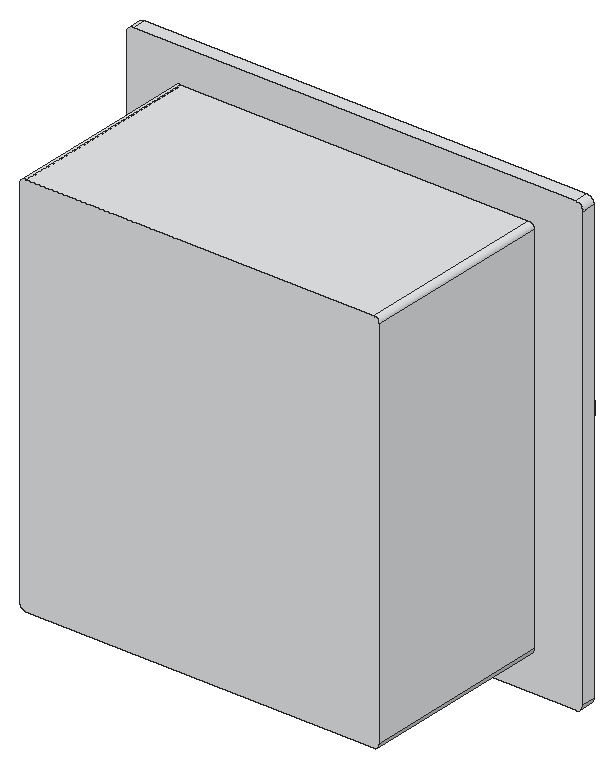
Revit family "Silver Manual Toilet Tissue Paper Holder_IN", category Generic Models, host Wall, Revit 2017
Family settings
  Host = Wall
  Can host rebar = No
  Round Connector Dimension = Use Diameter
  Part Type = Normal
  Always vertical = Yes
  Cut with Voids When Loaded = No
  Shared = No
  Room Calculation Point = No
Parameters (values of type "Type 1")
  Website = "https://dolphy.in/"  # constant formula
  Contact number = "+91 9520202035"  # constant formula
  Contact email = "info@dolphy.in"  # constant formula
  Company name = "Dolphy India"  # constant formula
Reference planes
  plane 1 "Wall": y = 0
  plane 2 "Center (Left/Right)": x = 125
  plane 3 "Back": y = 75
Forms (mm)
  Extrusion 1, void
    sketch origin (0, 0, 0) x (1, 0, 0) y (0, 0, 1)
      loop
        line (190, 152.5) -> (60, 152.5) -> (60, 12.5) -> (190, 12.5) -> (190, 152.5)
    from -75 to -5
Text (mm)
  text "Placement Side" at (-1848.837, 1116.779, 0), in view "Ref. Level"
  text "Placement side" at (0, 1409.804, 2854.306), in view "Left"
  text "Placement side" at (0, 499.811, 2980.732), in view "Right"
Dimensions and locks
  locked: plane 3 "Back" to host wall
  aligned and locked: plane 1 "Wall" to host wall
  aligned and locked: nested 1 to plane 2 "Center (Left/Right)"
  aligned and locked: nested 1 to plane 3 "Back"
  aligned and locked: host wall to Extrusion 1
  aligned and locked: Extrusion 1 to nested 1  (x4)
Nested families
  nested 1: "Silver Manual Toilet Tissue Paper Holder_IN" at (125, 75, 0) x (-1, 0, 0) z (0, 0, 1), type "Silver Manual Toilet Tissue Paper Holder_IN"
Definition of nested family "Silver Manual Toilet Tissue Paper Holder_IN"
  Parameters (values of type "Silver Manual Toilet Tissue Paper Holder_IN")
    Website = "https://dolphy.in/"  # constant formula
    M&L = none
    Contact number = "+91 9520202035"  # constant formula
    Contact email = "info@dolphy.in"  # constant formula
    Company name = "Dolphy India"  # constant formula
  Reference planes
    plane 1 "Center (Front/Back)": y = 0
    plane 2: z = 0
    plane 3 "Center (Left/Right)": x = 0
  Forms (mm)
    Extrusion 1, solid, material <- "M&L"
      sketch origin (77.5, 0, 0) x (1, 0, 0) y (0, 0, 1)
        loop
          line (-157.5, 0) -> (2.5, 0)
          arc (2.5, 0) -> (4.268, 0.732) -> (5, 2.5) r 2.5
          line (5, 2.5) -> (5, 162.5)
          arc (5, 162.5) -> (4.268, 164.268) -> (2.5, 165) r 2.5
          line (2.5, 165) -> (-157.518, 165)
          arc (-157.518, 165) -> (-159.273, 164.273) -> (-160, 162.518) r 2.482
          line (-160, 162.518) -> (-160, 2.5)
          arc (-160, 2.5) -> (-159.268, 0.732) -> (-157.5, 0) r 2.5
      from 0 to 5
    Extrusion 2, void
      sketch origin (77.5, -5, 0) x (-1, 0, 0) y (0, 0, 1)
        loop
          arc (141.5, 146.5) -> (140.036, 150.036) -> (136.5, 151.5) r 5
          line (136.5, 151.5) -> (18.5, 151.5)
          arc (18.5, 151.5) -> (14.964, 150.036) -> (13.5, 146.5) r 5
          line (13.5, 146.5) -> (13.5, 18.5)
          arc (13.5, 18.5) -> (14.964, 14.964) -> (18.5, 13.5) r 5
          line (18.5, 13.5) -> (136.5, 13.5)
          arc (136.5, 13.5) -> (140.036, 14.964) -> (141.5, 18.5) r 5
          line (141.5, 18.5) -> (141.5, 146.5)
      from 0 to 5
    Extrusion 3, solid, material <- "M&L"
      sketch origin (77.5, 0, 0) x (-1, 0, 0) y (0, 0, 1)
        loop
          line (12.5, 150.5) -> (12.5, 14.5)
          arc (12.5, 14.5) -> (13.086, 13.086) -> (14.5, 12.5) r 2
          line (14.5, 12.5) -> (140.5, 12.5)
          arc (140.5, 12.5) -> (141.914, 13.086) -> (142.5, 14.5) r 2
          line (142.5, 14.5) -> (142.5, 150.5)
          arc (142.5, 150.5) -> (141.914, 151.914) -> (140.5, 152.5) r 2
          line (140.5, 152.5) -> (14.5, 152.5)
          arc (14.5, 152.5) -> (13.086, 151.914) -> (12.5, 150.5) r 2
        loop
          arc (13.5, 14.5) -> (13.793, 13.793) -> (14.5, 13.5) r 1
          line (14.5, 13.5) -> (140.5, 13.5)
          arc (140.5, 13.5) -> (141.207, 13.793) -> (141.5, 14.5) r 1
          line (141.5, 14.5) -> (141.5, 150.5)
          arc (141.5, 150.5) -> (141.207, 151.207) -> (140.5, 151.5) r 1
          line (140.5, 151.5) -> (14.5, 151.5)
          arc (14.5, 151.5) -> (13.793, 151.207) -> (13.5, 150.5) r 1
          line (13.5, 150.5) -> (13.5, 14.5)
      from 0 to 70
    Sweep 4, solid, material <- "M&L"
      path in 3D
        loop
          line (-60.647, -5, 151.5) -> (61.022, -5, 151.5)
      profile origin (0.188, -5, 151.5) x (0, -1, 0) y (0, 0, -1)
        loop
          spline (-0.986, -0.124) -> (10.401, 12.422) -> (17.553, 23.003) -> (21.745, 32.554) -> (24.052, 41.629) -> (25.386, 50.469) -> (26.574, 59.322) -> (27.552, 68.541) -> (27.688, 78.55) -> (26.342, 89.775) -> (22.849, 102.779) -> (16.51, 118.319) -> (6.621, 137.164)
          arc (6.621, 137.164) -> (6.055, 137.343) -> (5.928, 136.764) r 0.402
          spline (5.928, 136.764) -> (15.796, 118) -> (22.111, 102.565) -> (25.587, 89.671) -> (26.927, 78.575) -> (26.801, 68.671) -> (25.836, 59.497) -> (24.659, 50.663) -> (23.34, 41.864) -> (21.068, 32.896) -> (16.953, 23.495) -> (9.885, 13.017) -> (-1.418, 0.542)
          line (-1.418, 0.542) -> (-0.986, -0.124)
    Extrusion 5, solid, material <- "M&L"
      sketch origin (-64, -5, 150.5) x (0, 0, -1) y (0, 1, 0)
        loop
          circle (80.373, 50.58) r 10
      from 3.353 to 125.022
    Extrusion 6, solid, material <- "M&L"
      sketch origin (77.5, 70, 0) x (-1, 0, 0) y (0, 0, 1)
        loop
          line (140.5, 151.5) -> (14.5, 151.5)
          arc (14.5, 151.5) -> (13.793, 151.207) -> (13.5, 150.5) r 1
          line (13.5, 150.5) -> (13.5, 14.5)
          arc (13.5, 14.5) -> (13.793, 13.793) -> (14.5, 13.5) r 1
          line (14.5, 13.5) -> (140.5, 13.5)
          arc (140.5, 13.5) -> (141.207, 13.793) -> (141.5, 14.5) r 1
          line (141.5, 14.5) -> (141.5, 150.5)
          arc (141.5, 150.5) -> (141.207, 151.207) -> (140.5, 151.5) r 1
      from 0 to -0.8
  Cuts and joins
    Extrusion 2 cuts Extrusion 1
    joined: Extrusion 1, Extrusion 3, Extrusion 6
  Lines and regions (mm)
    sketch lines
      curve 1: line (-60.647, -5, 151.5) -> (61.022, -5, 151.5)
  Dimensions and locks
    cut or joined group of Extrusion 1, Extrusion 2, Extrusion 3, Extrusion 6 to Extrusion 3 = 75 mm
    cut or joined group of Extrusion 1, Extrusion 2, Extrusion 3, Extrusion 6 to cut or joined group of Extrusion 1, Extrusion 2, Extrusion 3, Extrusion 6 = 5 mm
    cut or joined group of Extrusion 1, Extrusion 2, Extrusion 3, Extrusion 6 to cut or joined group of Extrusion 1, Extrusion 2, Extrusion 3, Extrusion 6 = 75 mm
    cut or joined group of Extrusion 1, Extrusion 2, Extrusion 3, Extrusion 6 to cut or joined group of Extrusion 1, Extrusion 2, Extrusion 3, Extrusion 6 = 140 mm
    cut or joined group of Extrusion 1, Extrusion 2, Extrusion 3, Extrusion 6 to cut or joined group of Extrusion 1, Extrusion 2, Extrusion 3, Extrusion 6 = 165 mm  (x2)
    aligned and locked: level to plane 2
